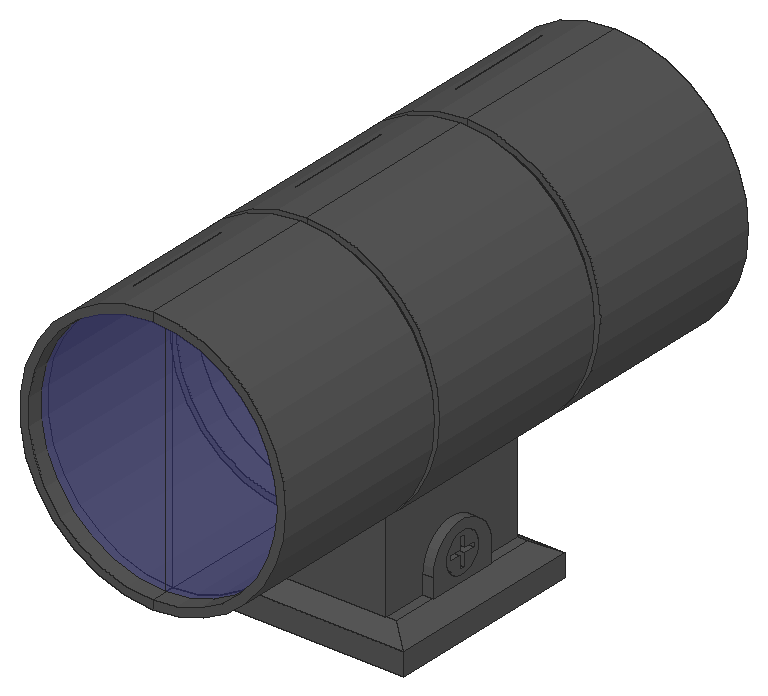
Revit family "CARLO CYLINDER LIGHT WALL MOUNT", category Lighting Fixtures, host Face, Revit 2020 (continued)
Types (10): name | Wattage_Input | Wattage Comments | Wattage | Photometric Web File | built-in parameter 1150142 | Model | built-in parameter 1150105 | Lumens | Light Length 1 | LIGHT RADIUS | LIGHT PLACEMENT | LIGHT LENGTH | LIGHT DIA | built-in parameter 1150106 | FIXED END HEIGHT | Curve base Height | Base Curve | BEAMING ANGLE | Apparent Load
    2 1833.8 1801.9 1767 1729.4 \r\n 1689.1 1645.8 1600.8 1555.1 1508.7 1461.9 1414 1364.3 1313.2 1261.2 \r\n 1208.2 1154.5 1099.3 1041.2 982.3 924.32 866.72 808.98 752.6 698.69 \r\n 647.84 600.7 558.27 522.12 491.1 464.92 442.55 422.88 405.94 391.45 \r\n 379.18 368.83 360.32 353.62 348.33 344.24 340.69 336.79 333.03 329.64 \r\n 326.5 323.57 320.76 318.15 315.2 311.1 306.85 303.22 300 297.32 \r\n 294.96 292.84 290.74 288.59 285.85 282.78 276.95 265.48 250 230.74 \r\n 208.98 185.77 162.07 139.43 117.06 94.177 72.359 52.24 35.89 26.54 \r\n 21.331 18.91 17.987 16.585 15.411 14.549 13.889 13.357 12.919 12.514 \r\n 12.146 11.812 11.483 11.124 10.763 10.427 10.089 9.7208 9.344 8.9644 \r\n 8.6 8.2826 7.9768 7.6561 7.3261 6.9744 6.6287 6.3261 6.0271 5.6911 \r\n 5.3593 5.0717 4.7903 4.4769 4.1716 3.9135 3.667 3.4021 3.1417 2.8991 \r\n 2.6736 2.4755 2.2858 2.0803 1.8852 1.7284 1.5807 1.4122 1.2535 1.1319 \r\n 1.0266 0.9213 0.82908 0.76244 0.70668 0.64949 0.5963 0.54786 0.50584 0.47339 \r\n 0.44671 0.42337 0.40248 0.38575 0.36996 0.35184 0.33328 0.31516 0.29715 0.27844 \r\n 0.26129 0.24771 0.23768 0.23242 0.23017 0.23092 0.23056 0.22347 0.21416 0.21231 \r\n 0.19681 0.13508 0.071244 0.048546 0.036964 0.016521 0.00032258 0 0 0 \r\n 0 0 0 0 0.000017 0.0005562 0.0015389 0 0.0051048 0.066013 \r\n 0.13361 0.16893 0.1907 0.20335 0.21081 0.21897 0.22632 0.23316 0.24001 0.24756 \r\n 0.25555 0.26407 0.27284 0.2813 0.29034 0.29993 0.31234 0.33099 0.35243 0.37404 \r\n 0.3967 0.42019 0.44514 0.47116 0.50105 0.53897 0.58266 0.62858 0.68471 0.75948 \r\n 0.84793 0.94671 1.0593 1.1901 1.3332 1.4829 1.6433 1.8198 2.0042 2.1877 \r\n 2.377 2.5759 2.7845 3.0064 3.2349 3.4582 3.695 3.9695 4.2529 4.5154 \r\n 4.7855 5.0921 5.4038 5.6897 5.9771 6.2888 6.6074 6.9246 7.2363 7.5276 \r\n 7.8232 8.1482 8.4858 8.8271 9.1731 9.5277 9.8736 10.184 10.491 10.822 \r\n 11.161 11.491 11.84 12.207 12.65 13.216 13.938 14.845 15.997 17.403 \r\n 19.246 20.656 24.808 35.298 49.989 68.147 89.156 112.66 137.16 161.71 \r\n 184.31 201.5 216.68 232.39 247.77 264.24 277.6 282.28 283.9 286.69 \r\n 289.22 291.35 293.42 295.61 298.19 301.71 305.43 308.67 311.81 315.06 \r\n 318.29 321.41 324.45 327.19 330.25 334.29 338.89 343.7 349.17 355.26 \r\n 363.05 373.97 386.96 400.87 417.32 437.91 461.54 486.74 516.15 552.5 \r\n 594.09 640.42 690.55 743.51 798.84 855.79 914.19 974.26 1034 1090.9 \r\n 1146.8 1204.1 1259.9 1311.7 1360.9 1407.7 1452.7 1496.4 1538.5 1579 \r\n 1618.3 1656.9 1694.3 1730.6 1764.5 1794.1 1820.8 1845.3 1868.1 1890.3 \r\n 1910.9 1929.3 1945.5 1959.1 1971 1981.6 1990.9 1998.6 2004.9 2009.8 \r\n 2013.2 \r\n2008.1 2014.7 2014.7 2012.9 2010 2007.3 2003 1995.3 1985.2 1973.1 \r\n 1958.9 1942.9 1925.1 1905.8 1884 1859.1 1831.2 1799.6 1765 1727.7 \r\n 1687.6 1644.5 1599.6 1554.2 1507.9 1461.2 1413.6 1364.3 1313.9 1262.1 \r\n 1209.3 1156 1101 1042.5 983.06 924.96 867.3 809.42 752.91 698.94 \r\n 648.09 601.08 558.72 522.39 491.17 465.01 442.71 423.02 406.06 391.64 \r\n 379.42 369.04 360.48 353.79 348.47 344.26 340.56 336.56 332.73 329.29 \r\n 326.12 323.19 320.39 317.76 314.79 310.67 306.43 302.89 299.8 297.19 \r\n 294.88 292.76 290.65 288.52 285.81 282.84 276.88 264.4 248.09 229.44 \r\n 208.58 185.69 162.05 139.14 116.49 93.659 72.007 52.057 35.848 26.522 \r\n 21.297 18.875 17.947 16.525 15.34 14.505 13.881 13.379 12.966 12.577 \r\n 12.22 11.887 11.554 11.179 10.801 10.453 10.106 9.7393 9.3631 8.9729 \r\n 8.5973 8.2768 7.9715 7.6547 7.3278 6.9719 6.6214 6.3185 6.0209 5.6872 \r\n 5.357 5.0674 4.7842 4.4746 4.1716 3.9058 3.652 3.3915 3.1367 2.8916 \r\n 2.6631 2.4669 2.28 2.0757 1.8804 1.7202 1.5695 1.4031 1.2466 1.123 \r\n 1.0148 0.90848 0.8151 0.74517 0.68701 0.63155 0.58144 0.53566 0.49607 0.46545 \r\n 0.43998 0.41679 0.3958 0.37874 0.36239 0.34332 0.32392 0.30563 0.28782 0.26967 \r\n 0.25327 0.24049 0.23123 0.22662 0.22487 0.22597 0.22567 0.21822 0.20819 0.20476 \r\n 0.18832 0.12865 0.066661 0.041577 0.028204 0.011838 0.00024884 0 0 0 \r\n 0 0 0 0 0.000060 0.0019232 0.0053444 0.0043781 0.017864 0.075008 \r\n 0.13877 0.17782 0.20426 0.21738 0.22419 0.23236 0.23919 0.24378 0.2484 0.25527 \r\n 0.26352 0.27325 0.28374 0.29398 0.30497 0.31694 0.33127 0.35025 0.37152 0.39327 \r\n 0.41618 0.44023 0.46568 0.49178 0.52153 0.56141 0.60765 0.65629 0.71445 0.78915 \r\n 0.87674 0.97443 1.0866 1.2199 1.3651 1.5123 1.6698 1.846 2.0308 2.2152 \r\n 2.405 2.6021 2.8096 3.0349 3.2671 3.4908 3.7264 3.9983 4.2791 4.5403 \r\n 4.81 5.1184 5.4311 5.7135 5.9963 6.3033 6.6206 6.9469 7.2679 7.5582 \r\n 7.8498 8.1715 8.507 8.851 9.1999 9.5518 9.8954 10.21 10.521 10.852 \r\n 11.186 11.505 11.841 12.21 12.646 13.16 13.832 14.735 15.901 17.332 \r\n 19.197 20.611 24.738 35.065 49.737 68.513 90.031 113.1 136.96 161.02 \r\n 183.66 202.41 219.27 235.64 250.91 265.86 277.65 282.15 283.97 286.71 \r\n 289.2 291.35 293.44 295.65 298.23 301.73 305.42 308.69 311.82 314.95 \r\n 318 320.93 323.82 326.54 329.63 333.66 338.34 343.42 349.23 355.68 \r\n 363.77 374.77 387.77 401.76 418.29 438.93 462.55 487.63 516.86 552.98 \r\n 594.3 640.41 690.29 742.93 797.97 854.91 913.22 972.63 1031.8 1088.7 \r\n 1144.8 1202.1 1257.8 1309.4 1358.4 1405.3 1450.3 1493.5 1535.3 1576.1 \r\n 1615.9 1655 1692.8 1729.1 1762.9 1792.8 1819.9 1844.9 1868.3 1890.8 \r\n 1911.6 1929.9 1946 1959.7 1971.6 1982.1 1991.2 1998.6 2004.7 2009.6 \r\n 2013.2 \r\n2008.1 2014.5 2014.2 2011.8 2008.3 2004.9 2000 1991.9 1981.5 1969 \r\n 1954.6 1938.9 1921.5 1902.2 1880.6 1856.1 1828.5 1797.4 1763.1 1726.1 \r\n 1686.2 1643.3 1598.6 1553.3 1507.2 1460.6 1413.1 1364.5 1314.5 1263 \r\n 1210.3 1157.4 1102.6 1043.7 983.78 925.57 867.87 809.85 753.21 699.18 \r\n 648.34 601.47 559.2 522.65 491.19 465 442.73 423.02 406.08 391.75 \r\n 379.63 369.21 360.6 353.94 348.63 344.28 340.44 336.37 332.49 329.01 \r\n 325.81 322.86 320.03 317.35 314.34 310.18 305.93 302.51 299.55 297.02 \r\n 294.76 292.64 290.51 288.42 285.74 282.89 276.79 263.17 245.95 228.06 \r\n 208.26 185.77 162.21 138.95 115.92 93.138 71.67 51.935 35.904 26.565 \r\n 21.277 18.853 17.926 16.477 15.272 14.455 13.863 13.393 13.01 12.639 \r\n 12.291 11.959 11.618 11.229 10.834 10.473 10.117 9.7506 9.3757 8.9754 \r\n 8.589 8.2651 7.9602 7.648 7.325 6.9653 6.61 6.3067 6.0105 5.6801 \r\n 5.3522 5.0595 4.7734 4.4682 4.1685 3.8942 3.6327 3.3775 3.1295 2.8821 \r\n 2.6504 2.4565 2.2727 2.0701 1.875 1.7113 1.5576 1.3941 1.2405 1.1144 \r\n 1.0027 0.89507 0.8003 0.72636 0.66517 0.61153 0.56487 0.52224 0.48554 0.45688 \r\n 0.43262 0.40961 0.3885 0.37107 0.35407 0.33388 0.3135 0.29499 0.27749 0.26024 \r\n 0.245 0.23328 0.22495 0.22097 0.21958 0.22076 0.2203 0.21245 0.20175 0.19688 \r\n 0.17964 0.12223 0.062086 0.033876 0.018117 0.006401 0.00016129 0 0 0 \r\n 0 0 0 0 0.00010656 0.0034206 0.0095551 0.01454 0.032226 0.084606 \r\n 0.14329 0.18556 0.21645 0.23008 0.23643 0.24484 0.25142 0.25401 0.25664 0.26311 \r\n 0.27184 0.28285 0.29513 0.30732 0.32048 0.33508 0.35154 0.37079 0.39176 0.41354 \r\n 0.43662 0.46117 0.48711 0.51338 0.54305 0.58525 0.63443 0.68597 0.74626 0.82098 \r\n 0.90772 1.0042 1.1158 1.2518 1.3991 1.5436 1.6977 1.8731 2.0581 2.2436 \r\n 2.4341 2.629 2.835 3.0638 3.2998 3.524 3.7584 4.0275 4.3053 4.565 \r\n 4.8341 5.1434 5.4563 5.7355 6.014 6.3156 6.6309 6.9669 7.298 7.5878 \r\n 7.8756 8.1932 8.526 8.8729 9.2249 9.5744 9.9158 10.235 10.551 10.882 \r\n 11.213 11.519 11.842 12.213 12.64 13.1 13.722 14.628 15.814 17.264 \r\n 19.139 20.548 24.632 34.746 49.355 68.773 90.812 113.36 136.51 160.07 \r\n 182.83 203.38 222.2 239.48 254.72 267.85 277.71 282 284.05 286.73 \r\n 289.16 291.32 293.45 295.68 298.27 301.73 305.39 308.7 311.84 314.81 \r\n 317.66 320.4 323.16 325.94 329.11 333.11 337.8 343.13 349.28 356.11 \r\n 364.51 375.52 388.45 402.48 419.02 439.61 463.15 488.16 517.26 553.11 \r\n 594.12 639.97 689.58 741.87 796.64 853.63 911.91 970.71 1029.3 1086.3 \r\n 1142.8 1200 1255.5 1306.9 1355.8 1402.9 1448 1490.8 1532.3 1573.3 \r\n 1613.6 1653.2 1691.3 1727.5 1761.2 1791.3 1818.9 1844.5 1868.3 1891.1 \r\n 1912.1 1930.4 1946.4 1960.2 1972.1 1982.6 1991.5 1998.6 2004.4 2009.3 \r\n 2013.2 \r\n2008.1 2014.4 2013.6 2010.7 2006.5 2002.5 1997 1988.5 1977.7 1964.8 \r\n 1950.2 1934.7 1917.6 1898.5 1877.1 1852.9 1825.7 1795 1761.2 1724.3 \r\n 1684.6 1642 1597.5 1552.3 1506.4 1459.9 1412.5 1364.4 1315 1263.6 \r\n 1211.1 1158.3 1103.7 1044.4 984.15 925.83 868.09 809.95 753.2 699.13 \r\n 648.32 601.62 559.48 522.74 491.05 464.81 442.55 422.86 405.95 391.77 \r\n 379.76 369.3 360.63 354.02 348.75 344.29 340.31 336.18 332.26 328.75 \r\n 325.52 322.53 319.66 316.93 313.87 309.65 305.4 302.1 299.27 296.83 \r\n 294.61 292.48 290.34 288.27 285.62 282.88 276.63 261.91 243.83 226.67 \r\n 207.91 185.83 162.35 138.74 115.31 92.552 71.26 51.779 35.966 26.614 \r\n 21.255 18.83 17.907 16.432 15.204 14.401 13.836 13.396 13.041 12.689 \r\n 12.35 12.016 11.666 11.263 10.853 10.479 10.114 9.7492 9.3761 8.9679 \r\n 8.573 8.2461 7.9413 7.6337 7.3149 6.9524 6.5935 6.2898 5.9948 5.6681 \r\n 5.3431 5.0472 4.7581 4.4575 4.1613 3.8796 3.6111 3.3615 3.1203 2.8715 \r\n 2.6374 2.4456 2.2647 2.064 1.8694 1.7025 1.5461 1.3858 1.2354 1.107 \r\n 0.99175 0.88282 0.78659 0.70868 0.64448 0.59245 0.54902 0.50957 0.47579 0.44895 \r\n 0.42575 0.40289 0.38168 0.36389 0.34627 0.32502 0.30371 0.28496 0.26776 0.25156 \r\n 0.23763 0.22708 0.21972 0.2163 0.21515 0.21624 0.21547 0.20725 0.196 0.18995 \r\n 0.17209 0.11676 0.058169 0.026579 0.0082119 0.0010251 0.000074 0 0 0 \r\n 0 0 0 0 0.00015049 0.0047971 0.013493 0.024298 0.046037 0.09352 \r\n 0.14686 0.19158 0.2262 0.24023 0.24626 0.25503 0.26156 0.26259 0.26366 0.26995 \r\n 0.27925 0.29143 0.30531 0.3193 0.33451 0.35173 0.37031 0.38981 0.41043 0.43209 \r\n 0.45516 0.48014 0.50654 0.533 0.56265 0.60713 0.65917 0.71341 0.77569 0.8505 \r\n 0.93655 1.0318 1.1429 1.2816 1.431 1.5731 1.724 1.8981 2.0828 2.2696 \r\n 2.4611 2.6538 2.8581 3.0899 3.3294 3.5541 3.7874 4.0537 4.3286 4.5868 \r\n 4.8551 5.1644 5.4768 5.7536 6.0288 6.325 6.6379 6.9828 7.3234 7.6132 \r\n 7.8978 8.2114 8.5413 8.8908 9.2457 9.593 9.9328 10.257 10.577 10.911 \r\n 11.239 11.534 11.844 12.216 12.635 13.045 13.623 14.545 15.76 17.218 \r\n 19.091 20.494 24.54 34.452 49.003 69.027 91.554 113.58 136.05 159.15 \r\n 182.07 204.41 225.19 243.49 258.79 270.01 277.82 281.87 284.17 286.78 \r\n 289.13 291.31 293.48 295.73 298.31 301.73 305.36 308.72 311.88 314.7 \r\n 317.35 319.92 322.57 325.45 328.76 332.69 337.35 342.89 349.34 356.57 \r\n 365.27 376.26 389.07 403.1 419.65 440.11 463.51 488.5 517.54 553.16 \r\n 593.88 639.48 688.85 740.82 795.34 852.4 910.71 969.02 1027.2 1084.4 \r\n 1141.2 1198.2 1253.5 1304.9 1353.7 1401 1446.1 1488.6 1529.8 1571.1 \r\n 1611.7 1651.8 1690.2 1726.3 1759.7 1790.1 1818.1 1844 1868.2 1891.3 \r\n 1912.4 1930.7 1946.7 1960.6 1972.6 1983 1991.7 1998.6 2004.2 2009.1 \r\n 2013.2 \r\n2008.1 2014.2 2013.1 2009.7 2004.9 2000.2 1994 1985.1 1974 1960.8 \r\n 1946 1930.5 1913.6 1894.6 1873.3 1849.4 1822.6 1792.3 1758.9 1722.2 \r\n 1682.6 1640.2 1596 1551.1 1505.2 1458.8 1411.6 1363.9 1314.9 1263.7 \r\n 1211.2 1158.5 1103.9 1044.4 983.81 925.4 867.61 809.39 752.59 698.52 \r\n 647.78 601.29 559.32 522.49 490.65 464.37 442.12 422.48 405.66 391.63 \r\n 379.76 369.25 360.52 354 348.79 344.25 340.16 335.97 332.01 328.48 \r\n 325.22 322.19 319.27 316.49 313.38 309.12 304.85 301.67 298.98 296.6 \r\n 294.42 292.28 290.12 288.07 285.42 282.75 276.37 260.76 241.97 225.38 \r\n 207.44 185.69 162.29 138.37 114.61 91.844 70.691 51.493 35.944 26.616 \r\n 21.215 18.795 17.874 16.379 15.135 14.343 13.799 13.383 13.051 12.715 \r\n 12.385 12.046 11.685 11.271 10.849 10.465 10.093 9.7295 9.3587 8.9464 \r\n 8.5468 8.218 7.9135 7.6099 7.2949 6.9315 6.5707 6.2668 5.9728 5.6498 \r\n 5.3279 5.0298 4.7386 4.4423 4.1496 3.8626 3.5893 3.3446 3.1095 2.8606 \r\n 2.6255 2.4353 2.2565 2.0578 1.8643 1.6945 1.5358 1.3787 1.2317 1.1017 \r\n 0.98363 0.87347 0.77587 0.69481 0.62823 0.57729 0.53631 0.49986 0.4684 0.44294 \r\n 0.42046 0.39771 0.37644 0.35835 0.34027 0.31825 0.29625 0.27724 0.26025 0.24503 \r\n 0.23232 0.22287 0.21642 0.21346 0.21246 0.21334 0.21222 0.20372 0.19212 0.18525 \r\n 0.16696 0.11316 0.055559 0.020817 0 0 0 0 0 0 \r\n 0 0 0 0 0.00018373 0.0058025 0.016481 0.032081 0.057144 0.10048 \r\n 0.14914 0.19528 0.23242 0.24662 0.25239 0.26153 0.2682 0.26826 0.26836 0.27469 \r\n 0.28451 0.29755 0.31258 0.32789 0.3447 0.36422 0.38474 0.40453 0.42483 0.44614 \r\n 0.46896 0.49425 0.52106 0.5477 0.57767 0.62388 0.67805 0.73439 0.79827 0.87328 \r\n 0.9589 1.0533 1.1641 1.305 1.4563 1.5969 1.7454 1.918 2.1021 2.2901 \r\n 2.4826 2.6734 2.876 3.1102 3.3523 3.5773 3.8098 4.0738 4.3462 4.603 \r\n 4.8703 5.1787 5.4902 5.7659 6.0394 6.3309 6.6411 6.9925 7.3404 7.631 \r\n 7.9138 8.2241 8.5513 8.9026 9.2598 9.6055 9.9442 10.272 10.597 10.933 \r\n 11.261 11.548 11.85 12.22 12.632 13.002 13.551 14.506 15.761 17.213 \r\n 19.069 20.476 24.511 34.299 48.841 69.377 92.31 113.91 135.81 158.56 \r\n 181.66 205.49 227.93 247.26 262.72 272.13 277.99 281.82 284.34 286.87 \r\n 289.15 291.34 293.54 295.8 298.39 301.77 305.37 308.78 311.96 314.64 \r\n 317.12 319.56 322.16 325.17 328.61 332.47 337.08 342.76 349.46 357.05 \r\n 366.05 376.99 389.68 403.73 420.27 440.56 463.8 488.85 517.95 553.4 \r\n 593.91 639.33 688.51 740.25 794.59 851.71 910.05 968.06 1026 1083.4 \r\n 1140.4 1197.3 1252.4 1303.7 1352.5 1399.8 1445.1 1487.4 1528.4 1569.8 \r\n 1610.8 1651.2 1689.9 1725.7 1758.9 1789.4 1817.6 1843.8 1868.3 1891.6 \r\n 1912.8 1931 1947 1961 1973.1 1983.5 1992 1998.7 2004.1 2009 \r\n 2013.2 \r\n2008.1 2013.9 2012.6 2008.9 2003.9 1998.7 1992.1 1982.7 1971.1 1957.5 \r\n 1942.4 1926.5 1909.2 1890.1 1868.8 1845.1 1818.5 1788.4 1755 1718.3 \r\n 1678.8 1636.9 1593.2 1548.5 1502.8 1456.5 1409.5 1361.9 1313 1262 \r\n 1209.4 1156.2 1100.9 1041.5 981.11 922.62 864.74 806.5 749.74 695.81 \r\n 645.28 599.06 557.39 520.88 489.31 463.13 440.96 421.52 404.92 391.09 \r\n 379.34 368.75 359.93 353.53 348.51 344.12 340.08 335.73 331.57 327.98 \r\n 324.71 321.66 318.76 316.06 313.03 308.74 304.45 301.33 298.72 296.37 \r\n 294.19 292.04 289.86 287.74 285.01 282.21 275.8 260.61 242.1 224.91 \r\n 206.26 184.31 160.92 137.18 113.59 90.684 69.437 50.541 35.375 26.299 \r\n 21.065 18.671 17.733 16.274 15.069 14.303 13.77 13.334 12.98 12.649 \r\n 12.326 11.972 11.594 11.175 10.754 10.374 10.009 9.6459 9.278 8.8784 \r\n 8.4919 8.1683 7.8656 7.5618 7.2474 6.8904 6.5358 6.2317 5.9365 5.615 \r\n 5.296 5.0034 4.7175 4.4216 4.1297 3.85 3.5835 3.3379 3.1015 2.8587 \r\n 2.6294 2.4372 2.2553 2.0583 1.8666 1.6958 1.536 1.3801 1.2353 1.1085 \r\n 0.99317 0.88197 0.78325 0.70508 0.641 0.58783 0.54383 0.50646 0.47494 0.4482 \r\n 0.42452 0.4015 0.38017 0.36223 0.34461 0.32375 0.30277 0.28367 0.26622 0.25059 \r\n 0.23755 0.2281 0.22174 0.21879 0.21782 0.21874 0.21775 0.20963 0.19858 0.1928 \r\n 0.17499 0.11933 0.059582 0.024415 0.0032684 0 0.000026 0 0 0 \r\n 0 0 0 0 0.00014882 0.0044751 0.013343 0.026416 0.049821 0.095106 \r\n 0.14567 0.1899 0.22439 0.23729 0.24238 0.25143 0.25863 0.26021 0.26181 0.26859 \r\n 0.27821 0.2904 0.30411 0.3174 0.3326 0.35239 0.37379 0.39443 0.41512 0.43518 \r\n 0.45664 0.48199 0.50915 0.53555 0.56537 0.61058 0.66351 0.71853 0.78152 0.8569 \r\n 0.94342 1.0388 1.1506 1.2917 1.4439 1.5878 1.7394 1.9109 2.0932 2.2813 \r\n 2.4746 2.6661 2.8689 3.101 3.3408 3.5652 3.7978 4.0625 4.3352 4.5909 \r\n 4.8565 5.1621 5.4725 5.7535 6.0324 6.3241 6.6318 6.9768 7.3196 7.6131 \r\n 7.9005 8.2122 8.5393 8.8883 9.2431 9.5892 9.9291 10.257 10.583 10.922 \r\n 11.257 11.558 11.871 12.236 12.644 13.025 13.612 14.689 16.043 17.433 \r\n 19.225 20.683 24.875 35.039 49.93 70.482 93.406 115.26 137.43 160.35 \r\n 183.41 206.65 228.64 248.57 264.58 273.38 278.47 282.18 284.74 287.2 \r\n 289.42 291.58 293.77 296.02 298.6 302 305.61 309 312.16 314.84 \r\n 317.37 319.92 322.62 325.65 329.07 332.89 337.45 343.07 349.77 357.6 \r\n 366.85 377.87 390.62 404.87 421.55 441.69 464.84 490.25 519.81 555.55 \r\n 596.3 641.94 691.32 743.25 797.69 854.58 912.78 971.28 1029.6 1086.9 \r\n 1143.6 1200.3 1255.3 1306.5 1355.3 1402.4 1447.6 1490.1 1531.3 1572.7 \r\n 1613.5 1653.8 1692.4 1728.1 1761.2 1791.2 1818.9 1844.8 1869 1892 \r\n 1913 1931.5 1947.7 1961.9 1974.1 1984.4 1992.9 1999.4 2004.7 2009.3 \r\n 2013.2 \r\n2008.1 2013.6 2012.1 2008.3 2003 1997.5 1990.4 1980.5 1968.5 1954.5 \r\n 1939 1922.7 1904.9 1885.5 1864.2 1840.6 1814.2 1784.1 1750.7 1713.9 \r\n 1674.4 1633 1589.9 1545.4 1499.9 1453.8 1406.9 1359.3 1310.5 1259.5 \r\n 1206.9 1152.9 1096.9 1037.6 977.48 918.92 860.94 802.73
